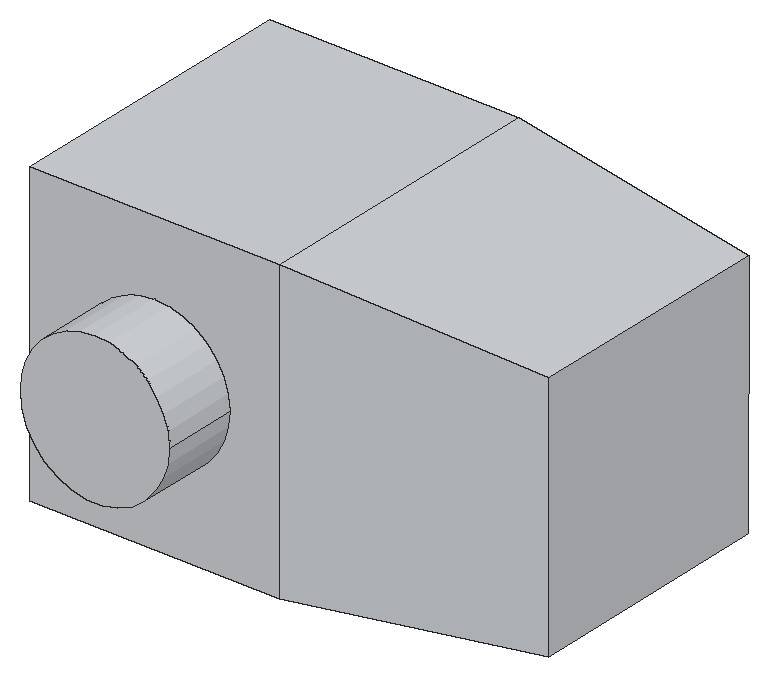
Revit family "M_T retangular para redondo com transição - Torneira", category Conexões de duto, Revit 2019
Family settings
  Cota do conector redondo = Usar raio
  Tipo de parte = Tê
  Número OmniClass = 23.75.70.14
  Título OmniClass = Air Ductwork
  ID de item do Seek = Rectangular to Round Tee with Transition - Tap-0000-CAN-ENU
  Com base no plano de trabalho = Não
  Sempre na vertical = Sim
  Corte com vazios quando carregada = Não
  Compartilhado = Não
Parameters (values of type "Padrão")
  Comprimento do rebaixo [instance] = 50 mm
  Comprimento 3 [instance] = 75 mm
  Comprimento 1 [instance] = Comprimento do duto 1 / 2  # 125 mm
  Raio do duto [instance] = 75 mm
  Largura do duto 2 [instance] = 250 mm
  Largura do duto 1 [instance] = 300 mm
  Comprimento do duto 2 [instance] = Largura do duto 2  # 250 mm
  Comprimento do duto 3 [instance] = 75 mm
  Comprimento do duto 1 [instance] = if(Raio do duto > (Raio do duto + Comprimento do rebaixo), (Raio do duto + Comprimento do rebaixo) * 2, (Raio do duto + Comprimento do rebaixo) * 2)  # 250 mm
  Altura do duto 2 [instance] = 250 mm
  Altura do duto 1 [instance] = 300 mm
  Diâmetro do duto [instance] = Raio do duto * 2  # 150 mm
  Assembly Code = ""
Reference planes
  plane 1 "Centro (Frente/Trás)": y = 0
  plane 2: z = 0
  plane 3 "Centro (Esquerda/Direita)": x = 0
  plane 4: x = -125
  plane 5: x = 125
  plane 6: x = 375
  plane 7: y = -225
  plane 8: y = -150
  plane 9: y = 150
Forms (mm)
  Sweep 1, solid, detail levels medium+fine
    path in 3D
      loop
        line (-125, 0, 0) -> (125, 0, 0)
    profile origin (0, 0, 0) x (0, 1, 0) y (0, 0, 1)
      loop
        line (-150, 150) -> (-150, -150) -> (150, -150) -> (150, 150) -> (-150, 150)
  Blend 2, solid, detail levels medium+fine
    base sketch origin (0, 0, 0) x (0, 1, 0) y (0, 0, 1)
      loop
        line (150, 150) -> (-150, 150) -> (-150, -150) -> (150, -150) -> (150, 150)
    top sketch origin (0, 0, 0) x (0, 1, 0) y (0, 0, 1)
      loop
        line (125, 125) -> (-125, 125) -> (-125, -125) -> (125, -125) -> (125, 125)
    from 125 to 375
  Sweep 3, solid, detail levels medium+fine
    path in 3D
      loop
        line (0, 0, 0) -> (0, -225, 0)
    profile origin (0, -112.5, 0) x (1, 0, 0) y (0, 0, 1)
      loop
        circle (0, 0) r 75
Cuts and joins
  joined: Sweep 1, Blend 2, Sweep 3
Lines and regions (mm)
  model lines, detail levels coarse
    curve 1: line (-125, 0, 0) -> (125, 0, 0)
    curve 3: line (125, 0, 0) -> (375, 0, 0)
    curve 4: line (0, 0, 0) -> (0, -225, 0)
  sketch lines
    curve 2: line (-125, 0, 0) -> (125, 0, 0)
    curve 5: line (0, 0, 0) -> (0, -225, 0)
Dimensions and locks
  "Comprimento do duto 1": plane 4 to plane 5
  "Comprimento 1": plane 3 "Centro (Esquerda/Direita)" to plane 5
  "Comprimento do duto 2": plane 5 to plane 6
  equal spacing: Sweep 1 sketch curve, profile plane, Sweep 1 sketch curve  (x2)
  "Largura do duto 1": Sweep 1 sketch curve to Sweep 1 sketch curve
  "Altura do duto 1": Sweep 1 sketch curve to Sweep 1 sketch curve
  equal spacing: Blend 2 sketch curve, plane 1 "Centro (Frente/Trás)", Blend 2 sketch curve  (x2)
  "Largura do duto 1": Blend 2 sketch curve to Blend 2 sketch curve
  equal spacing: Blend 2 sketch curve, plane 2, Blend 2 sketch curve  (x2)
  "Altura do duto 1": Blend 2 sketch curve to Blend 2 sketch curve
  "Largura do duto 2": Blend 2 sketch curve to Blend 2 sketch curve
  "Altura do duto 2": Blend 2 sketch curve to Blend 2 sketch curve
  "Comprimento do duto 3": plane 8 to plane 7
  equal spacing: plane 9, plane 1 "Centro (Frente/Trás)", plane 8
  "Largura do duto 1": plane 9 to plane 8
  "Raio do duto": radius of Sweep 3 sketch curve
  aligned and locked: plane 1 "Centro (Frente/Trás)" to curve 1
  aligned and locked: plane 4 to curve 1
  aligned and locked: plane 5 to curve 1
  aligned and locked: plane 6 to curve 3
  aligned and locked: plane 6 to Blend 2
  aligned and locked: Blend 2 to plane 5
  aligned and locked: curve 4 to plane 3 "Centro (Esquerda/Direita)"
  aligned and locked: plane 1 "Centro (Frente/Trás)" to curve 4
  aligned and locked: plane 7 to curve 4
  aligned and locked: profile plane to Sweep 3 sketch curve  (x2)
Connectors
  hvac at (-125, 0, 0), driven by "Altura do duto 1", driven by "Largura do duto 1"
    settings: on cut or joined group of Sweep 1, Blend 2, Sweep 3, index 1, duct flow 0.0 L/s, flow factor 0, pres drop 0.0 Pa, loss coef 0, conn angle 0.00°, conn width 300 mm, conn height 300 mm, conn diameter 609.6 mm, duct sys type 28, conn prof type 1, flow config 0, flow direction 0, loss method 0, conn ref index 2, conn util no, is conn primary yes, conn desc ""
  hvac at (375, 0, 0), driven by "Altura do duto 2", driven by "Largura do duto 2"
    settings: on cut or joined group of Sweep 1, Blend 2, Sweep 3, index 2, duct flow 0.0 L/s, flow factor 0, pres drop 0.0 Pa, loss coef 0, conn angle 0.00°, conn width 250 mm, conn height 250 mm, conn diameter 609.6 mm, duct sys type 28, conn prof type 1, flow config 0, flow direction 0, loss method 0, conn ref index 1, conn util no, is conn primary no, conn desc ""
  hvac at (0, -225, 0), driven by "Raio do duto"
    settings: on cut or joined group of Sweep 1, Blend 2, Sweep 3, index 3, duct flow 0.0 L/s, flow factor 0, pres drop 0.0 Pa, loss coef 0, conn angle 0.00°, conn width 304.8 mm, conn height 304.8 mm, conn diameter 150 mm, duct sys type 28, conn prof type 0, flow config 0, flow direction 0, loss method 0, conn ref index -1, conn util no, is conn primary no, conn desc ""
